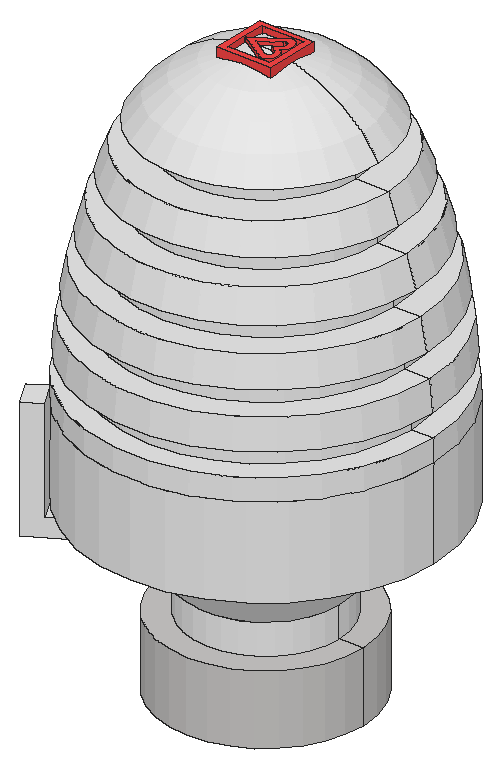
Revit family "HERZ-Design-Thermostatkopf M28x1.5 9260", category Rohrzubehör, Revit 2021
Family settings
  Bemaßung runder Anschluss = Durchmesser verwenden
  Teiletyp = Normal
  OmniClass-Nummer = 23.65.55.14
  OmniClass-Titel = Valves for Liquid Services
  Arbeitsebenenbasiert = Nein
  Immer vertikal = Nein
  Beim Laden mit Abzugskörper schneiden = Nein
  Gemeinsam genutzt = Nein
Parameters
  Vorgabe-Ansicht = 0.000 mm
  URL = "www.herz-armaturen.at"
  Sollwertbereich = "6-28°C"  # constant formula
  S02 = 60.000 mm  # constant formula
  S01 = 90.000 mm  # constant formula
  Hersteller = "HERZ Armaturen Ges.m.b.H."  # constant formula
  Handrad = "Kunststoff, weiß"  # constant formula
  Funktionsweise = "Der HERZ-Thermostat dient als Fühl- und Regelelement. Durch die Volumsänderung der Flüssigkeitsfüllung im HERZHydrosensor wird die Schubspindel des Ventils bewegt."
  Frostsicherung = 6 °C  # constant formula
  Bestellnummer = 1926006  # constant formula
  Ausführungen = "Heizkörperthermostat mit Flüssigkeitsfühler (Hydrosensor)\r\nmit automatischer Frostsicherung und Begrenzung und Blockierung des Sollwertbereiches.\r\nHandradfarbe weiß."
  Anwendungen = "Zur Montage auf allen HERZ-Ventilen, die für thermostatischen Betrieb eingerichtet sind."
Reference planes
  plane 1 "Mitte (Vorne/hinten)": y = 0
  plane 2: z = 0
  plane 3 "Mitte (Links/rechts)": x = 0
Forms (mm)
  Revolve 1, solid, material "Kunststoff weiß", detail levels fine
    sketch origin (0, 0, 0) x (1, 0, 0) y (0, 0, 1)
      loop
        line (0, 0) -> (0, 90)
        arc (0, 90) -> (-10.767, 87.197) -> (-18.8, 79.5) r 22.08
        arc (-18.8, 79.5) -> (-25.672, 59.356) -> (-28, 38.2) r 97.301
        line (-28, 38.2) -> (-28, 23.2) -> (-23.25, 23.2) -> (-23.25, 20.5) -> (-20.4, 20.5) -> (-20.4, 19.7) -> (-12.2, 11.5) -> (-12.2, 4.8) -> (-13.2, 4.8) -> (-13.2, 0) -> (0, 0)
      axis (0, 90) -> (0, 0)
    angle from 0 to 360
  Extrusion 2, solid, material "Kunststoff weiß", detail levels fine
    sketch origin (0, 0, 0) x (0.866025, 0.5, 0) y (0, 0, 1)
      loop
        line (-28.5, 36.04) -> (-31.75, 36.04) -> (-31.75, 16.2) -> (-20.85, 16.2) -> (-20.85, 20.5) -> (-23.25, 20.5) -> (-23.25, 21.5) -> (-24.578, 19.2) -> (-28.5, 19.2) -> (-28.5, 36.04)
    from 2.5 to -2.5
  Extrusion 3, solid, material "Kunststoff weiß", detail levels fine
    sketch origin (0, 0, 0) x (0, 1, 0) y (0, 0, 1)
      loop
        arc (0.75, 19.2) -> (1.987, 19.713) -> (2.5, 20.95) r 1.75
        line (2.5, 20.95) -> (2.5, 32.2) -> (-2.5, 32.2) -> (-2.5, 20.95)
        arc (-2.5, 20.95) -> (-1.987, 19.713) -> (-0.75, 19.2) r 1.75
        line (-0.75, 19.2) -> (0.75, 19.2)
    from 0 to -31.5
  Revolve 4, solid, material "Messing verzinkt", detail levels fine
    sketch origin (0, 0, 0) x (1, 0, 0) y (0, 0, 1)
      loop
        line (0, 0) -> (0, 6.5) -> (-16.25, 6.5) -> (-16.25, -5) -> (-14, -5) -> (-14, 0) -> (0, 0)
      axis (0, 6.5) -> (0, -5)
    angle from 0 to 360
  Revolve 5, void
    sketch origin (0, 0, 0) x (1, 0, 0) y (0, 0, 1)
      loop
        arc (-18.8, 79.5) -> (-19.64, 77.659) -> (-20.442, 75.8) r 97.301
        line (-20.442, 75.8) -> (-14.951, 75.8) -> (-14.951, 79.5) -> (-18.8, 79.5)
      loop
        line (-27.933, 41.8) -> (-24.226, 41.8) -> (-24.226, 45.5) -> (-27.726, 45.5)
        arc (-27.726, 45.5) -> (-27.847, 43.651) -> (-27.933, 41.8) r 97.301
      loop
        arc (-22.197, 71.3) -> (-22.843, 69.456) -> (-23.452, 67.6) r 97.301
        line (-23.452, 67.6) -> (-18.697, 67.6) -> (-18.697, 71.3) -> (-22.197, 71.3)
      loop
        arc (-24.865, 62.7) -> (-25.326, 60.854) -> (-25.751, 59) r 97.301
        line (-25.751, 59) -> (-21.365, 59) -> (-21.365, 62.7) -> (-24.865, 62.7)
      loop
        arc (-26.692, 54.1) -> (-26.98, 52.253) -> (-27.232, 50.4) r 97.301
        line (-27.232, 50.4) -> (-23.192, 50.4) -> (-23.192, 54.1) -> (-26.692, 54.1)
      axis (0, 79.5) -> (0, 41.8)
    angle from 0 to 360
Cuts and joins
  Revolve 5 cuts Revolve 1
Lines and regions (mm)
  model lines, detail levels coarse+medium
    curve 1: line (0, 0, 0) -> (0, 0, 30)
    curve 2: line (0, 0.018, 0) -> (30, 0.018, 0)
    curve 3: circle (0, 0, 60) r 30 normal (0, -1, 0)
    curve 4: circle (0, 0, 60) r 30 normal (1, 0, 0)
    curve 5: line (0, 0, 40) -> (0, 0, 80)
    curve 6: line (0, 17.5, 80) -> (0, -17.5, 80)
    curve 7: line (0, 0, 40) -> (0, 0, 80)
    curve 8: line (-17.5, 0, 80) -> (17.5, 0, 80)
    curve 9: circle (60, 0.018, 0) r 30 normal (0, 0, 1)
    curve 10: line (40, 0.018, 0) -> (80, 0.018, 0)
    curve 11: line (80, -17.482, 0) -> (80, 17.518, 0)
Dimensions and locks
  nested 1 to plane 2 = 89.000 mm
  "S01": curve 4 to plane 2
  "S01": curve 3 to plane 2
  "S01": plane 3 "Mitte (Links/rechts)" to curve 9
  "S02": diameter of curve 3
  "S02": diameter of curve 4
  "S02": diameter of curve 9
  aligned and locked: level to plane 2
Automatic sketch dimensions
  Revolve 1 sketch curve to level = 0.000 mm
  Revolve 1 sketch curve to plane 3 "Mitte (Links/rechts)" = 0.000 mm  (x2)
  Revolve 1 sketch curve to plane 3 "Mitte (Links/rechts)" = 12.200 mm
  Revolve 1 sketch curve to Revolve 1 sketch curve = 1.000 mm
  Revolve 1 sketch curve to Revolve 1 sketch curve = 8.200 mm  (x2)
  Revolve 1 sketch curve to Revolve 1 sketch curve = 2.850 mm
  Revolve 1 sketch curve to Revolve 1 sketch curve = 4.750 mm
  plane 3 "Mitte (Links/rechts)" to Revolve 1 sketch curve = 69.301 mm
  level to Revolve 1 sketch curve = 4.800 mm
  Revolve 1 sketch curve to Revolve 1 sketch curve = 6.700 mm
  Revolve 1 sketch curve to Revolve 1 sketch curve = 0.800 mm
  Revolve 1 sketch curve to Revolve 1 sketch curve = 2.700 mm
  Revolve 1 sketch curve to Revolve 1 sketch curve = 15.000 mm
  Revolve 1 sketch curve to Revolve 1 sketch curve = 29.720 mm
  Revolve 1 sketch curve to Revolve 1 sketch curve = 22.080 mm
  Revolve 1 sketch curve to level = 366.045 mm
  Revolve 1 sketch curve to Revolve 1 sketch curve = 0.000 mm
  level to Extrusion 2 sketch curve = 36.040 mm
  Extrusion 2 sketch curve to Extrusion 2 sketch curve = 3.250 mm
  Extrusion 2 sketch curve to Extrusion 2 sketch curve = 3.922 mm
  level to Extrusion 2 sketch curve = 21.500 mm
  Extrusion 2 sketch curve to Extrusion 2 sketch curve = 1.328 mm
  Extrusion 2 sketch curve to Extrusion 2 sketch curve = 3.728 mm
  Extrusion 2 sketch curve to Extrusion 2 sketch curve = 1.000 mm
  Extrusion 2 sketch curve to Extrusion 2 sketch curve = 1.300 mm
  Extrusion 2 sketch curve to Extrusion 2 sketch curve = 3.000 mm
  plane 1 "Mitte (Vorne/hinten)" to Extrusion 3 sketch curve = 2.500 mm
  plane 1 "Mitte (Vorne/hinten)" to Extrusion 3 sketch curve = 0.750 mm
  Extrusion 3 sketch curve to plane 1 "Mitte (Vorne/hinten)" = 0.750 mm
  Extrusion 3 sketch curve to plane 1 "Mitte (Vorne/hinten)" = 2.500 mm
  level to Extrusion 3 sketch curve = 19.200 mm
  Extrusion 3 sketch curve to Extrusion 3 sketch curve = 11.250 mm
  Revolve 4 sketch curve to level = 0.000 mm
  Revolve 4 sketch curve to plane 3 "Mitte (Links/rechts)" = 0.000 mm  (x2)
  Revolve 4 sketch curve to level = 5.000 mm
  Revolve 4 sketch curve to plane 3 "Mitte (Links/rechts)" = 14.000 mm
  Revolve 4 sketch curve to Revolve 4 sketch curve = 2.250 mm
  level to Revolve 4 sketch curve = 6.500 mm
  Revolve 4 sketch curve to Revolve 4 sketch curve = 361.045 mm
  Revolve 4 sketch curve to Revolve 4 sketch curve = 2207.815 mm
  Revolve 5 sketch curve to Revolve 5 sketch curve = 0.000 mm  (x20)
  Revolve 5 sketch curve to plane 3 "Mitte (Links/rechts)" = 0.000 mm
  Revolve 5 sketch curve to plane 3 "Mitte (Links/rechts)" = 14.951 mm
  Revolve 5 sketch curve to Revolve 5 sketch curve = 3.746 mm
  Revolve 5 sketch curve to Revolve 5 sketch curve = 3.849 mm
  Revolve 5 sketch curve to Revolve 5 sketch curve = 1.642 mm
  Revolve 5 sketch curve to Revolve 5 sketch curve = 2.668 mm
  Revolve 5 sketch curve to Revolve 5 sketch curve = 3.500 mm  (x4)
  Revolve 5 sketch curve to Revolve 5 sketch curve = 1.827 mm
  Revolve 5 sketch curve to Revolve 5 sketch curve = 1.255 mm
  Revolve 5 sketch curve to Revolve 5 sketch curve = 1.034 mm
  Revolve 5 sketch curve to Revolve 5 sketch curve = 0.886 mm
  Revolve 5 sketch curve to Revolve 5 sketch curve = 0.540 mm
  Revolve 5 sketch curve to Revolve 5 sketch curve = 0.208 mm
  level to Revolve 5 sketch curve = 38.200 mm
  plane 3 "Mitte (Links/rechts)" to Revolve 5 sketch curve = 69.301 mm
  level to Revolve 5 sketch curve = 41.800 mm
  Revolve 5 sketch curve to Revolve 5 sketch curve = 4.900 mm  (x3)
  Revolve 5 sketch curve to Revolve 5 sketch curve = 4.500 mm
  Revolve 5 sketch curve to level = 366.045 mm
  Revolve 5 sketch curve to Revolve 5 sketch curve = 2134.815 mm
  curve 5 to plane 1 "Mitte (Vorne/hinten)" = 0.000 mm
  curve 4 to plane 1 "Mitte (Vorne/hinten)" = 0.000 mm
  plane 1 "Mitte (Vorne/hinten)" to curve 6 = 17.500 mm
  curve 5 to curve 6 = 17.500 mm
  curve 5 to curve 4 = 20.000 mm
  curve 4 to curve 6 = 20.000 mm
  curve 3 to plane 3 "Mitte (Links/rechts)" = 0.000 mm
  curve 7 to plane 3 "Mitte (Links/rechts)" = 0.000 mm
  curve 1 to plane 3 "Mitte (Links/rechts)" = 0.000 mm
  curve 1 to level = 0.000 mm
  curve 8 to curve 7 = 17.500 mm
  plane 3 "Mitte (Links/rechts)" to curve 8 = 17.500 mm
  curve 1 to curve 7 = 10.000 mm
  curve 3 to curve 8 = 20.000 mm
  curve 2 to plane 3 "Mitte (Links/rechts)" = 0.000 mm
  curve 9 to plane 1 "Mitte (Vorne/hinten)" = 0.018 mm
  curve 10 to plane 1 "Mitte (Vorne/hinten)" = 0.018 mm
  curve 2 to curve 10 = 10.000 mm
  curve 9 to curve 11 = 20.000 mm
  plane 1 "Mitte (Vorne/hinten)" to curve 11 = 17.482 mm
  curve 2 to plane 1 "Mitte (Vorne/hinten)" = 0.018 mm
  curve 10 to curve 11 = 17.500 mm
Nested families
  nested 1: "Herz-Logo" at (0, 0, 89) x (0, -1, 0) z (0, 0, 1), type "Herz-Logo"
Definition of nested family "Herz-Logo"
  Parameters (values of type "Herz-Logo")
    Default Elevation = 0.000 mm
  Reference planes
    plane 1 "Mitte (Vorne/hinten)": y = 0
    plane 2: z = 0
    plane 3 "Mitte (Links/rechts)": x = 0
  Forms (mm)
    Extrusion 1, solid
      sketch origin (0, 0, 0) x (1, 0, 0) y (0, 1, 0)
        loop
          line (-0.018, -4.517) -> (4.482, -4.517) -> (4.482, 4.483) -> (-4.518, 4.483) -> (-4.518, -4.517) -> (-0.018, -4.517)
        loop
          line (-0.05, -3.48) -> (3.482, -3.48) -> (3.482, 3.483) -> (-3.518, 3.483) -> (-3.518, -3.48) -> (-0.05, -3.48)
        loop
          arc (-0.018, 2.383) -> (-1.543, 3.287) -> (-3.067, 2.383) r 1.738
          arc (-3.067, 2.383) -> (-3.191, 1.899) -> (-3.067, 1.415) r 1.009
          line (-3.067, 1.415) -> (-0.018, -3.281) -> (3.032, 1.415)
          arc (3.032, 1.415) -> (3.156, 1.899) -> (3.032, 2.383) r 1.009
          arc (3.032, 2.383) -> (1.507, 3.287) -> (-0.018, 2.383) r 1.738
        loop
          arc (1.885, 1.272) -> (2.005, 1.675) -> (1.885, 2.079) r 0.74
          arc (1.885, 2.079) -> (1.265, 2.416) -> (0.644, 2.079) r 0.74
          line (0.644, 2.079) -> (-0.018, 0.97) -> (-0.679, 2.079)
          arc (-0.679, 2.079) -> (-1.3, 2.416) -> (-1.921, 2.079) r 0.74
          arc (-1.921, 2.079) -> (-2.04, 1.675) -> (-1.921, 1.272) r 0.74
          line (-1.921, 1.272) -> (-0.018, -1.658) -> (1.885, 1.272)
      from 0 to 1.5
  Dimensions and locks
    aligned and locked: level to plane 2
